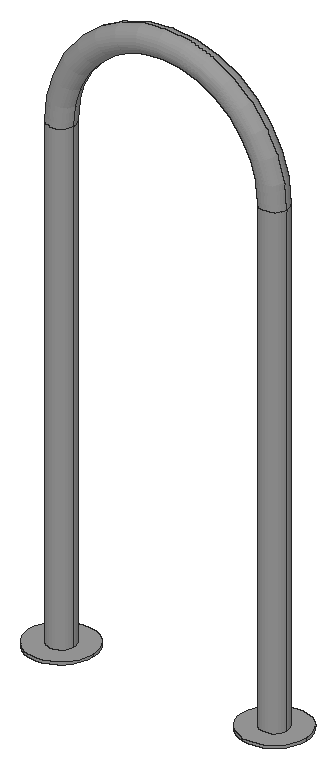
Revit family "FireFighting_Hydrant-Valve-Support-Frame_Galvin_381384", category Mechanical Equipment, Revit 2012
Parameters (values of type "381384")
  URL = "www.galvinengineering.com.au"
  Type Comments = "381384"
  StyleOrType_ANZRS = "Fire Fighting Equipment"
  ModifiedIssue_ANZRS = 20140514.01  # constant formula
  Model = "381384"
  Material = Metal_Fire-Fighting_Galvanised-Iron_15400
  Manufacturer = "Galvin Engineering"
  Keynote = "10520"
  Instructions = "http://www.galvinengineering.com.au/Installation_Guides_1.aspx"
  FilterObject_ANZRS = "381384"
  DimWidth = 500.0 mm  # constant formula
  DimHeight = 980.0 mm  # constant formula
  Description = "Galvanised Dual Hydrant Valve Support Frame [WA]"
  CreatedBy_ANZRS = "Galvin Engineering"
  CreatedByURL_ANZRS = "www.galvinengineering.com.au"
  CreatedByPhoneNo_ANZRS = "61-8-92495900"
  Assembly Code = "D4030"
Reference planes
  plane 1 "Center (Front/Back)": y = 0
  plane 2 "Ground": z = 0
  plane 3 "Center (Left/Right)": x = 0
  plane 4: z = 980
  plane 5 "Left": x = -250
  plane 6 "Right": x = 250
  plane 7 "Bottom": z = -400
Forms (mm)
  Sweep 1, solid, material "Metal_Fire-Fighting_Galvanised-Iron_15400" <- "Material"
    path origin (0, 0, 0) x (1, 0, 0) y (0, 0, 1)
      loop
        line (-250, -400) -> (-250, 700)
        arc (-250, 700) -> (0, 950) -> (250, 700) r 250
        line (250, 700) -> (250, -400)
    profile origin (-250, 0, 150) x (-1, 0, 0) y (0, -1, 0)
      loop
        circle (0, 0) r 30
  Extrusion 2, solid, material "Metal_Fire-Fighting_Galvanised-Iron_15400" <- "Material"
    sketch origin (0, 0, -400) x (-1, 0, 0) y (0, -1, 0)
      loop
        circle (250, 0) r 75
      loop
        circle (-250, 0) r 75
    from 0 to 6
Cuts and joins
  joined: Sweep 1, Extrusion 2
Lines and regions (mm)
  Masking region 1, detail levels medium+fine
    outline origin (0, 0, 0) x (1, 0, 0) y (0, 0, 1)
      loop
        arc (-130.046, 922.5) -> (-128.136, 916.957) -> (-123.219, 913.766) r 9
        arc (-123.219, 913.766) -> (-133.046, 833.57) -> (-142.873, 913.766) r 40.7
        arc (-142.873, 913.766) -> (-137.955, 916.957) -> (-136.046, 922.5) r 9
        line (-136.046, 922.5) -> (-136.046, 937.5) -> (-142.046, 937.5) -> (-142.046, 922.5)
        arc (-142.046, 922.5) -> (-142.682, 920.652) -> (-144.321, 919.589) r 3
        arc (-144.321, 919.589) -> (-133.046, 827.57) -> (-121.77, 919.589) r 46.7
        arc (-121.77, 919.589) -> (-123.409, 920.652) -> (-124.046, 922.5) r 3
        line (-124.046, 922.5) -> (-124.046, 937.5) -> (-130.046, 937.5) -> (-130.046, 922.5)
  Masking region 2, detail levels medium+fine
    outline origin (0, 0, 0) x (-1, 0, 0) y (0, 0, 1)
      loop
        arc (-130.046, 922.5) -> (-128.136, 916.957) -> (-123.219, 913.766) r 9
        arc (-123.219, 913.766) -> (-133.046, 833.57) -> (-142.873, 913.766) r 40.7
        arc (-142.873, 913.766) -> (-137.955, 916.957) -> (-136.046, 922.5) r 9
        line (-136.046, 922.5) -> (-136.046, 937.5) -> (-142.046, 937.5) -> (-142.046, 922.5)
        arc (-142.046, 922.5) -> (-142.682, 920.652) -> (-144.321, 919.589) r 3
        arc (-144.321, 919.589) -> (-133.046, 827.57) -> (-121.77, 919.589) r 46.7
        arc (-121.77, 919.589) -> (-123.409, 920.652) -> (-124.046, 922.5) r 3
        line (-124.046, 922.5) -> (-124.046, 937.5) -> (-130.046, 937.5) -> (-130.046, 922.5)
  symbolic lines, detail levels medium+fine
    curve 1: line (-130.046, 0, 940) -> (-130.046, 0, 920)
    curve 2: line (-136.046, 0, 920) -> (-136.046, 0, 940)
    curve 3: line (-130.046, 0, 920) -> (-136.046, 0, 920)
    curve 4: line (-136.046, 0, 940) -> (-130.046, 0, 940)
    curve 31: line (130.046, 0, 940) -> (130.046, 0, 920)
    curve 32: line (136.046, 0, 920) -> (136.046, 0, 940)
    curve 33: line (130.046, 0, 920) -> (136.046, 0, 920)
    curve 34: line (136.046, 0, 940) -> (130.046, 0, 940)
  symbolic lines, detail levels fine
    curve 5: line (-145.257, 0, 924.5) -> (-142.046, 0, 924.5)
    curve 6: line (-142.046, 0, 935.5) -> (-145.257, 0, 935.5)
    curve 7: arc (-145.257, 0, 935.5) -> (-146.031, 0, 934.111) -> (-145.257, 0, 932.722) r 1.634
    curve 8: arc (-145.257, 0, 932.722) -> (-146.018, 0, 930) -> (-145.257, 0, 927.278) r 5.252
    curve 9: arc (-145.257, 0, 927.278) -> (-146.031, 0, 925.889) -> (-145.257, 0, 924.5) r 1.634
    curve 10: line (-146.035, 0, 934.111) -> (-146.035, 0, 925.995)
    curve 11: line (-120.056, 0, 927) -> (-107.035, 0, 927)
    curve 12: line (-107.035, 0, 927) -> (-107.035, 0, 930)
    curve 13: line (-107.035, 0, 930) -> (-107.035, 0, 933)
    curve 14: line (-107.035, 0, 933) -> (-120.056, 0, 933)
    curve 15: line (-120.056, 0, 932) -> (-106.035, 0, 932)
    curve 16: line (-106.035, 0, 932) -> (-106.035, 0, 930)
    curve 17: line (-106.035, 0, 930) -> (-106.035, 0, 928)
    curve 18: line (-106.035, 0, 928) -> (-120.056, 0, 928)
    curve 19: line (-106.035, 0, 932) -> (-107.035, 0, 933)
    curve 20: line (-107.035, 0, 927) -> (-106.035, 0, 928)
    curve 21: line (-145.257, 0, 932.722) -> (-142.046, 0, 932.722)
    curve 22: line (-145.257, 0, 927.278) -> (-142.046, 0, 927.278)
    curve 23: line (-120.834, 0, 924.5) -> (-124.046, 0, 924.5)
    curve 24: line (-124.046, 0, 935.5) -> (-120.834, 0, 935.5)
    curve 25: arc (-120.834, 0, 935.5) -> (-120.06, 0, 934.111) -> (-120.834, 0, 932.722) r 1.634
    curve 26: arc (-120.834, 0, 932.722) -> (-120.073, 0, 930) -> (-120.834, 0, 927.278) r 5.252
    curve 27: arc (-120.834, 0, 927.278) -> (-120.06, 0, 925.889) -> (-120.834, 0, 924.5) r 1.634
    curve 28: line (-120.056, 0, 934.111) -> (-120.056, 0, 925.995)
    curve 29: line (-120.834, 0, 932.722) -> (-124.046, 0, 932.722)
    curve 30: line (-120.834, 0, 927.278) -> (-124.046, 0, 927.278)
    curve 35: line (145.257, 0, 924.5) -> (142.046, 0, 924.5)
    curve 36: line (142.046, 0, 935.5) -> (145.257, 0, 935.5)
    curve 37: arc (145.257, 0, 935.5) -> (146.031, 0, 934.111) -> (145.257, 0, 932.722) r 1.634
    curve 38: arc (145.257, 0, 932.722) -> (146.018, 0, 930) -> (145.257, 0, 927.278) r 5.252
    curve 39: arc (145.257, 0, 927.278) -> (146.031, 0, 925.889) -> (145.257, 0, 924.5) r 1.634
    curve 40: line (146.035, 0, 934.111) -> (146.035, 0, 925.995)
    curve 41: line (145.257, 0, 932.722) -> (142.046, 0, 932.722)
    curve 42: line (145.257, 0, 927.278) -> (142.046, 0, 927.278)
    curve 43: line (120.834, 0, 924.5) -> (124.046, 0, 924.5)
    curve 44: line (124.046, 0, 935.5) -> (120.834, 0, 935.5)
    curve 45: arc (120.834, 0, 935.5) -> (120.06, 0, 934.111) -> (120.834, 0, 932.722) r 1.634
    curve 46: arc (120.834, 0, 932.722) -> (120.073, 0, 930) -> (120.834, 0, 927.278) r 5.252
    curve 47: arc (120.834, 0, 927.278) -> (120.06, 0, 925.889) -> (120.834, 0, 924.5) r 1.634
    curve 48: line (120.056, 0, 934.111) -> (120.056, 0, 925.995)
    curve 49: line (120.834, 0, 932.722) -> (124.046, 0, 932.722)
    curve 50: line (120.834, 0, 927.278) -> (124.046, 0, 927.278)
    curve 51: line (146.035, 0, 927) -> (159.056, 0, 927)
    curve 52: line (159.056, 0, 927) -> (159.056, 0, 930)
    curve 53: line (159.056, 0, 930) -> (159.056, 0, 933)
    curve 54: line (159.056, 0, 933) -> (146.035, 0, 933)
    curve 55: line (146.035, 0, 932) -> (160.056, 0, 932)
    curve 56: line (160.056, 0, 932) -> (160.056, 0, 930)
    curve 57: line (160.056, 0, 930) -> (160.056, 0, 928)
    curve 58: line (160.056, 0, 928) -> (146.035, 0, 928)
    curve 59: line (160.056, 0, 932) -> (159.056, 0, 933)
    curve 60: line (159.056, 0, 927) -> (160.056, 0, 928)
Dimensions and locks
  "DimHeight": plane 4 to plane 2 "Ground"
  "DimWidth": plane 5 "Left" to plane 6 "Right"
  plane 2 "Ground" to plane 7 "Bottom" = 400.0 mm
  aligned and locked: plane 2 "Ground" to level
  aligned and locked: plane 5 "Left" to Sweep 1 sketch curve  (x2)
  aligned and locked: Sweep 1 sketch curve to plane 6 "Right"
  aligned and locked: plane 7 "Bottom" to Sweep 1 sketch curve  (x2)
  aligned and locked: plane 1 "Center (Front/Back)" to Sweep 1 sketch curve
  aligned and locked: plane 5 "Left" to Extrusion 2 sketch curve
  aligned and locked: plane 1 "Center (Front/Back)" to Extrusion 2 sketch curve  (x2)
  aligned and locked: plane 6 "Right" to Extrusion 2 sketch curve
Automatic sketch dimensions
  curve 10 to plane 5 "Left" = 103.965 mm
  curve 10 to curve 22 = 0.778 mm
  curve 10 to curve 7 = 0.778 mm
  curve 10 to curve 9 = 0.778 mm
  curve 10 to curve 8 = 0.778 mm
  curve 22 to curve 9 = 0.86 mm
  curve 6 to curve 7 = 0.86 mm
  curve 9 to curve 22 = 2.352 mm
  curve 7 to curve 21 = 2.352 mm
  curve 9 to curve 5 = 2.352 mm
  curve 7 to curve 6 = 2.352 mm
  curve 21 to curve 8 = 1.28 mm
  curve 6 to curve 4 = 6.0 mm
  curve 2 to curve 1 = 6.0 mm
  curve 1 to curve 26 = 4.72 mm
  curve 26 to curve 23 = 1.28 mm
  curve 26 to curve 24 = 1.28 mm
  curve 24 to curve 29 = 0.0 mm
  curve 30 to curve 23 = 0.0 mm
  curve 24 to curve 25 = 2.352 mm
  curve 23 to curve 27 = 2.352 mm
  curve 25 to curve 29 = 0.86 mm
  curve 25 to curve 25 = 0.86 mm
  curve 27 to curve 30 = 0.86 mm
  curve 27 to curve 27 = 0.86 mm
  curve 24 to curve 28 = 0.778 mm
  curve 11 to curve 12 = 13.021 mm
  plane 4 to curve 19 = 48.0 mm
  curve 13 to curve 19 = 1.0 mm
  plane 4 to curve 48 = 54.005 mm
  plane 3 "Center (Left/Right)" to curve 48 = 120.056 mm
  curve 48 to curve 50 = 0.778 mm
  curve 48 to curve 46 = 0.778 mm
  curve 48 to curve 43 = 0.778 mm
  curve 48 to curve 44 = 0.778 mm
  curve 45 to curve 45 = 0.86 mm
  curve 46 to curve 47 = 0.86 mm
  curve 45 to curve 44 = 2.352 mm
  curve 45 to curve 49 = 2.352 mm
  curve 47 to curve 50 = 2.352 mm
  curve 47 to curve 43 = 2.352 mm
  curve 50 to curve 46 = 1.28 mm
  curve 43 to curve 33 = 6.0 mm
  curve 31 to curve 32 = 6.0 mm
  curve 32 to curve 38 = 4.72 mm
  curve 38 to curve 36 = 1.28 mm
  curve 36 to curve 41 = 0.0 mm
  curve 38 to curve 35 = 1.28 mm
  curve 42 to curve 35 = 0.0 mm
  curve 35 to curve 39 = 2.352 mm
  curve 36 to curve 37 = 2.352 mm
  curve 39 to curve 42 = 0.86 mm
  curve 37 to curve 37 = 0.86 mm
  curve 39 to curve 39 = 0.86 mm
  curve 37 to curve 41 = 0.86 mm
  curve 37 to curve 40 = 0.778 mm
  curve 58 to curve 53 = 13.021 mm
  curve 51 to curve 57 = 1.0 mm
  curve 9 to curve 15 = 6.111 mm
  curve 27 to curve 15 = 6.111 mm
  curve 39 to curve 48 = 0.106 mm
  curve 47 to curve 48 = 0.106 mm
  curve 43 to curve 47 = 1.389 mm
  curve 35 to curve 39 = 1.389 mm
  curve 9 to curve 9 = 1.389 mm
  curve 27 to curve 27 = 1.389 mm
  curve 33 to curve 35 = 4.5 mm
  curve 3 to curve 5 = 4.5 mm
  curve 28 to curve 30 = 1.282 mm
  curve 10 to curve 22 = 1.282 mm
  curve 40 to curve 42 = 1.282 mm
  curve 11 to curve 15 = 5.0 mm
  curve 51 to curve 39 = 0.278 mm
  curve 51 to curve 60 = 1.0 mm
  curve 11 to curve 18 = 1.0 mm
  curve 13 to curve 15 = 2.0 mm
  curve 42 to curve 38 = 2.722 mm
  curve 16 to curve 12 = 0.0 mm
  curve 57 to curve 53 = 2.0 mm
  curve 56 to curve 52 = 0.0 mm
  curve 30 to curve 26 = 2.722 mm
  curve 50 to curve 46 = 2.722 mm
  curve 22 to curve 8 = 2.722 mm
  curve 56 to curve 56 = 2.0 mm
  curve 15 to curve 13 = 1.0 mm
  curve 55 to curve 54 = 1.0 mm
  curve 54 to curve 40 = 1.111 mm
  curve 37 to curve 37 = 1.389 mm
  curve 46 to curve 48 = 1.389 mm
  curve 21 to curve 7 = 1.389 mm
  curve 45 to curve 45 = 1.389 mm
  curve 10 to curve 6 = 1.389 mm
  curve 14 to curve 28 = 1.111 mm
  curve 26 to curve 25 = 1.389 mm
  curve 44 to curve 31 = 4.5 mm
  curve 6 to curve 2 = 4.5 mm
  plane 4 to Sweep 1 sketch curve = 280.0 mm
  Masking region 1 sketch curve to Masking region 1 sketch curve = 0.0 mm  (x10)
  Masking region 1 sketch curve to plane 5 "Left" = 104.954 mm
  Masking region 1 sketch curve to Masking region 1 sketch curve = 0.724 mm
  Masking region 1 sketch curve to Masking region 1 sketch curve = 1.449 mm
  Masking region 1 sketch curve to Masking region 1 sketch curve = 3.0 mm
  Masking region 1 sketch curve to Masking region 1 sketch curve = 9.827 mm
  Masking region 1 sketch curve to Masking region 1 sketch curve = 6.0 mm  (x2)
  Masking region 1 sketch curve to Masking region 1 sketch curve = 0.827 mm
  plane 4 to Masking region 1 sketch curve = 105.73 mm
  Masking region 1 sketch curve to Masking region 1 sketch curve = 15.0 mm
  Masking region 2 sketch curve to Masking region 2 sketch curve = 0.0 mm  (x10)
  Masking region 2 sketch curve to plane 6 "Right" = 104.954 mm
  Masking region 2 sketch curve to Masking region 2 sketch curve = 0.724 mm
  Masking region 2 sketch curve to Masking region 2 sketch curve = 1.449 mm
  Masking region 2 sketch curve to Masking region 2 sketch curve = 3.0 mm
  Masking region 2 sketch curve to Masking region 2 sketch curve = 9.827 mm
  Masking region 2 sketch curve to Masking region 2 sketch curve = 6.0 mm  (x2)
  Masking region 2 sketch curve to Masking region 2 sketch curve = 0.827 mm
  plane 4 to Masking region 2 sketch curve = 105.73 mm
  Masking region 2 sketch curve to Masking region 2 sketch curve = 15.0 mm
  radius of Sweep 1 sketch curve = 30.0 mm
  radius of Extrusion 2 sketch curve = 75.0 mm  (x2)
